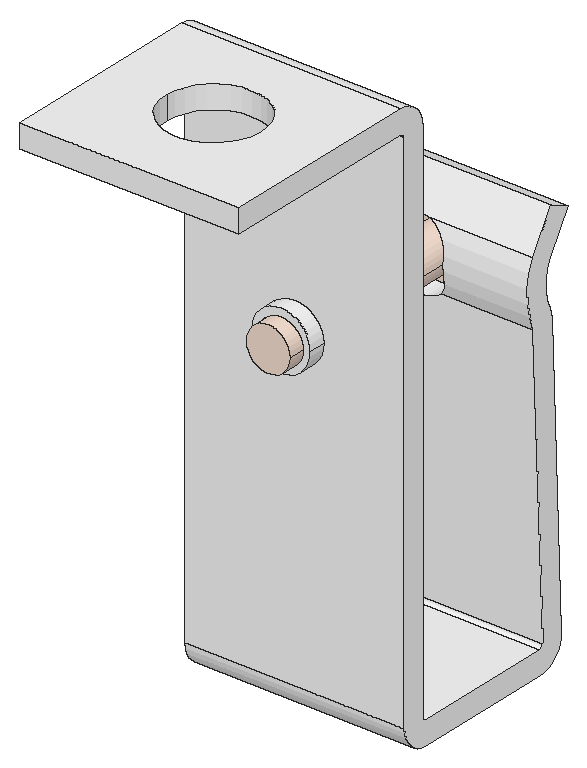
Revit family "RPハンガー3分用(C40×20)", category 機械設備, Revit 2020
Family settings
  丸型コネクタ寸法 = 直径を使用
  種別 = なし
  パーツ タイプ = 標準
  作業面ベース = いいえ
  常に垂直 = はい
  ロード時にボイドで切り取り = いいえ
  共有 = いいえ
  部屋計算ポイント = いいえ
Parameters
  製造元 = "株式会社桐井製作所"
  既定の高さ = 0 mm
  URL = "https://www.kirii.co.jp/"
  K_材質 = "SGHC一般用"
  K_品名 = "RPハンガー3分用(C40×20)"
  K_名称 = "耐震ハンガー"
  K_入数 = "100"
  K_バージョン情報 = "20210714"
  K_めっき付着量 = "Z12"
  K_JIS規格 = "JIS G 3302"
Reference planes
  plane 1 "中心(正面/背面)": y = 0
  plane 2: z = 0
  plane 3 "中心(左/右)": x = 0
Forms (mm)
  Extrusion 1, solid
    sketch origin (-15, 0, -3.2) x (0, 1, 0) y (0, 0, 1)
      loop
        arc (11.857, 43) -> (11.763, 43.7) -> (11.541, 44.37) r 3.795
        arc (11.541, 44.37) -> (10.837, 47.445) -> (11.494, 50.531) r 7.312
        line (11.494, 50.531) -> (14.549, 55.617) -> (11.638, 56.943) -> (8.578, 51.848)
        arc (8.578, 51.848) -> (7.637, 47.406) -> (8.657, 42.981) r 10.512
        line (8.657, 42.981) -> (10.249, 3.7)
        arc (10.249, 3.7) -> (10.102, 3.346) -> (9.749, 3.2) r 0.5
        line (9.749, 3.2) -> (-9.751, 3.2)
        arc (-9.751, 3.2) -> (-10.105, 3.346) -> (-10.251, 3.7) r 0.5
        line (-10.251, 3.7) -> (-10.251, 76.3)
        arc (-10.251, 76.3) -> (-11.335, 78.916) -> (-13.951, 80) r 3.7
        line (-13.951, 80) -> (-41.7, 80) -> (-41.7, 76.8) -> (-13.951, 76.8)
        arc (-13.951, 76.8) -> (-13.598, 76.654) -> (-13.451, 76.3) r 0.5
        line (-13.451, 76.3) -> (-13.451, 3.7)
        arc (-13.451, 3.7) -> (-12.368, 1.084) -> (-9.751, 0) r 3.7
        line (-9.751, 0) -> (9.749, 0)
        arc (9.749, 0) -> (12.365, 1.084) -> (13.449, 3.7) r 3.7
        line (13.449, 3.7) -> (11.857, 43)
    from 0 to 30
  Extrusion 2, void
    sketch origin (0, 0, -1.4) x (1, 0, 0) y (0, 0, 1)
      loop
        arc (3.5, 46.695) -> (0, 50.2) -> (-3.5, 46.695) r 3.5
        line (-3.5, 46.695) -> (-3.5, 43.695)
        arc (-3.5, 43.695) -> (0, 40.2) -> (3.5, 43.695) r 3.5
        line (3.5, 43.695) -> (3.5, 46.695)
    from -12.82 to -7.027
  Extrusion 3, void
    sketch origin (0, -9.45, -1.403) x (0, 0, -1) y (1, 0, 0)
      loop
        circle (-45.27, 0.008) r 3
    from 0.801 to 6.301
  Extrusion 4, solid
    sketch origin (0, -13.451, -1.325) x (0, 0, -1) y (1, 0, 0)
      loop
        circle (-45.2, 0) r 3
      loop
        circle (-45.2, 0) r 4
    from 0 to 2.3
  Extrusion 5, void
    sketch origin (0, -4.553, 0) x (1, 0, 0) y (0, 1, 0)
      loop
        circle (0, -22.699) r 6.5
    from 73.6 to 76.8
Cuts and joins
  Extrusion 2, Extrusion 3, Extrusion 5 cuts Extrusion 1
Dimensions and locks
  aligned and locked: level to plane 2
Nested families
  nested 1: "M6×30ボルト" at (0, 12.105, 43.984) x (-1, 0, 0) z (0, 0, 1), type "M6×30ボルト"
Definition of nested family "M6×30ボルト"
  Parameters (values of type "M6×30ボルト")
    Manufacturer = "株式会社桐井製作所"
    Default Elevation = 0 mm
    URL = "https://www.kirii.co.jp/"
    K_材料規格 = "M6×L30"
    K_品名 = "M6×30ボルト"
    K_名称 = "ボルト"
  Reference planes
    plane 1 "中心(正面/背面)": y = 0
    plane 2: z = 0
    plane 3 "中心(左/右)": x = 0
    plane 4: x = 10
    plane 5: x = -10
    plane 6 "正面": y = -4
  Forms (mm)
    Extrusion 1, solid
      sketch origin (0, 0, 0) x (1, 0, 0) y (0, 0, 1)
        loop
          line (-4.763, -2.946) -> (0, -5.696) -> (4.763, -2.946) -> (4.763, 2.554) -> (0, 5.304) -> (-4.763, 2.554) -> (-4.763, -2.946)
      from 0 to 4
    Extrusion 2, void
      sketch origin (0, -4, 0) x (-1, 0, 0) y (0, 0, 1)
        loop
          circle (0, -0.156) r 4.396
      from 0 to 1
    Extrusion 3, void
      sketch origin (0, -4, 0) x (-1, 0, 0) y (0, 0, 1)
        loop
          arc (-0.6, 1.814) -> (-1.069, 0.856) -> (-2.036, 0.404) r 1.605
          line (-2.036, 0.404) -> (-2.939, 0.404)
          arc (-2.939, 0.404) -> (-3, -0.195) -> (-2.94, -0.795) r 3
          line (-2.94, -0.795) -> (-2.049, -0.795)
          arc (-2.049, -0.795) -> (-1.074, -1.243) -> (-0.6, -2.206) r 1.605
          line (-0.6, -2.206) -> (-0.6, -3.135)
          arc (-0.6, -3.135) -> (0, -3.196) -> (0.6, -3.135) r 3
          line (0.6, -3.135) -> (0.6, -2.206)
          arc (0.6, -2.206) -> (1.074, -1.243) -> (2.049, -0.795) r 1.605
          line (2.049, -0.795) -> (2.94, -0.795)
          arc (2.94, -0.795) -> (3, -0.198) -> (2.941, 0.398) r 3
          line (2.941, 0.398) -> (2.117, 0.398)
          arc (2.117, 0.398) -> (1.098, 0.828) -> (0.6, 1.814) r 1.605
          line (0.6, 1.814) -> (0.6, 2.743)
          arc (0.6, 2.743) -> (0, 2.804) -> (-0.6, 2.743) r 3
          line (-0.6, 2.743) -> (-0.6, 1.814)
      from 0 to 2
    Extrusion 4, solid
      sketch origin (0, 0, 0) x (1, 0, 0) y (0, 0, 1)
        loop
          circle (-0.011, -0.2) r 3
      from 0 to -30
  Cuts and joins
    Extrusion 2, Extrusion 3 cuts Extrusion 1
    joined: Extrusion 1, Extrusion 4
  Dimensions and locks
    aligned and locked: level to plane 2
